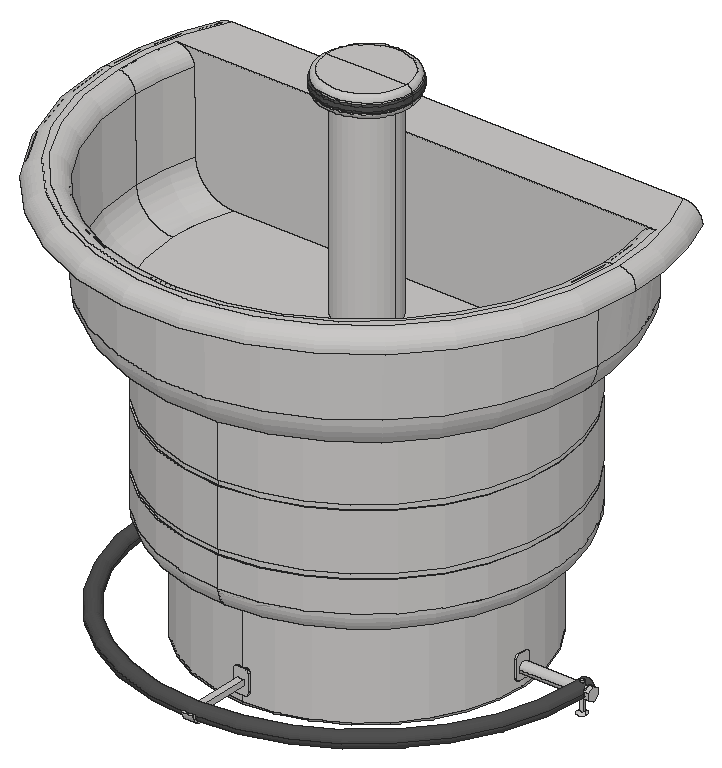
Revit family "Washfountain_Lavatory-Bradley_Corp-WF2703-Type_H_Drain", category Plumbing Fixtures, Revit 2012
Parameters
  Width = 36.000"
  Warranty Information = ""
  WFU = 0
  Voltage = 24 V
  Version = "2.0"
  Vent Radius = Vent / 2  # 3/4"
  Vent = 1 1/2"
  URL = "http://www.bradleycorp.com/"
  Towel Dispenser Holder [instance] = if((Soap Dispenser), 4.875", 13.375")  # 13.375"
  Towel Dispenser Height [instance] = if((Sensor Module), 50.750", 47.250")  # 47.250"
  TouchTime® Control [instance] = no
  Technical Data = "n/a"
  Vent Height [instance] = if(and(Sensor Module, Soap Dispenser, Towel Dispenser), 67.063", if(and(Sensor Module, Soap Dispenser, No Towel Dispenser), 45.875", if(and(Sensor Module, No Soap Dispenser, No Towel Dispenser), 37.375", if(and(Sensor Module, No Soap Dispenser, Towel Dispenser), 67.063", if(and(No Sensor Module, No Soap Dispenser, No Towel Dispenser), 33.875", if(and(No Sensor Module, No Soap Dispenser, Towel Dispenser), 63.563", if(and(No Sensor Module, Soap Dispenser, No Towel Dispenser), 42.375", 63.563")))))))  # 33.875"
  Spray Head Height = 33.875"
  Specifications URL = "http://www.bradleycorp.com/3partspec"
  Soap Dispenser Holder [instance] = 2.500"  # constant formula
  Soap Dispenser Height [instance] = if((Sensor Module), 45.875", 42.375")  # 42.375"
  Sensor Module Height = 37.375"
  Sensor Module [instance] = not(Foot Control Valve)  # no
  Rim Height = 28.000"
  Product Tech Data URL - Spanish = ""
  Product Tech Data URL - French = ""
  Product Tech Data URL - English = "http://bradleycorp.com/download/2241/2017.pdf"
  Pedestal Material = Metal - Bradley Corp - Stainless Steel - Satin
  Pedestal Height = 19.000"
  Operating Water Pressure Range = "20 - 80 PSI"
  OmniClass Table 23 Title = "Sinks/Lavatories"
  OmniClass Table 23 Number = "23-31 13 00"
  OmniClass Table 21 Title = "Plumbing Fixtures"
  OmniClass Table 21 Number = "21-04 20 10 60"
  No Towel Dispenser [instance] = not(Towel Dispenser)  # yes
  No Soap Dispenser [instance] = not(Soap Dispenser)  # yes
  No Sensor Module [instance] = not(Sensor Module)  # yes
  Modeling Code = ""
  Model = "WF2703"
  Material Note = ""
  MasterFormat Title = "Commercial Lavatories and Sinks"
  MasterFormat Number = "22 42 16"
  Manufacturer = "Bradley Corp"
  Industry Standards = ""
  Hot Lavatory Inlet Secondary Radius = Hot Lavatory Inlet Secondary / 2  # 1/2"
  Hot Lavatory Inlet Secondary = 1"
  Hot Lavatory Inlet Primary Radius = Hot Lavatory Inlet Primary / 2  # 1/2"
  Hot Lavatory Inlet Primary = 1"
  HWFU = 0
  Frequency = 50 Hz
  Foot Control Valve [instance] = not(or(TouchTime® Control, Air Valve Hand Control, Adaptive Infrared Activation Control))  # yes
  Flow Rate = 1.25 GPM
  Fire Rating = "n/a"
  Drain Radius = Drain / 2  # 1"
  Drain = 2"
  Description = "Washfountain, 36\" Semi Circular with 9\" Deep Bowl"
  Copyright = "This Model Data is Property of Bradley Corporation"
  Cold Lavatory Inlet Secondary Radius = Cold Lavatory Inlet Secondary / 2  # 1/2"
  Cold Lavatory Inlet Secondary = 1"
  Cold Lavatory Inlet Primary Radius = Cold Lavatory Inlet Primary / 2  # 1/2"
  Cold Lavatory Inlet Primary = 1"
  CWFU = 0
  Buy American Act = "No"
  Button Visibility [instance] = or(TouchTime® Control, Air Valve Hand Control)  # no
  Bowl Material [instance] = Metal - Bradley Corp - Stainless Steel - Polished
  Assembly Code = "D2010300"
  Air Valve Hand Control [instance] = no
  Adaptive Infrared Activation Control [instance] = no
  ADA Compliant = "Yes"
  Soap Dispenser [instance] = no
  Towel Dispenser [instance] = no
Reference planes (in)
  plane 1 "Center (Front/Back)": y = 0
  plane 2: z = 0
  plane 3 "Center (Left/Right)": x = 0
  plane 4 "Left": x = -18
  plane 5 "Right": x = 18
  plane 6 "Towel Dispenser": z = 47.25
  plane 7 "Soap Dispenser": z = 42.375
  plane 8 "Sensor Module": z = 37.375
  plane 9 "Spray Head": z = 33.875
  plane 10 "Rim Height": z = 28
  plane 11 "Pedestal Height": z = 19
  plane 12: y = -7.6967
  plane 13: z = 36.375
  plane 14 "Front": y = -26.03001
Forms (in)
  Sweep 1, solid, material "Metal - Bradley Corp - Stainless Steel - Polished" <- "Bowl Material", detail levels medium+fine
    path in 3D
      loop
        arc (18.28, -7.75, 28) -> (0, 10.53, 28) -> (-18.28, -7.75, 28) r 18.28
        arc (-18.28, -7.75, 28) -> (0, -26.03, 28) -> (18.28, -7.75, 28) r 18.28
    profile origin (0, -26.03, 28) x (0, 1, 0) y (0, 0, 1)
      loop
        line (16.3333, -9) -> (16.3333, -8.88) -> (5.20078, -8.88)
        arc (5.20078, -8.88) -> (3.4987, -8.21109) -> (2.70744, -6.56231) r 2.5
        line (2.70744, -6.56231) -> (2.65999, -1.125)
        arc (2.65999, -1.125) -> (2.33049, -0.3295) -> (1.53499, 0.00011) r 1.125
        line (1.53499, 0.00011) -> (1.12499, 0)
        arc (1.12499, 0) -> (0.3295, -0.3295) -> (-0.00001, -1.125) r 1.125
        line (-0.00001, -1.125) -> (0.11999, -1.125)
        arc (0.11999, -1.125) -> (0.41435, -0.41436) -> (1.12499, -0.11989) r 1.005
        line (1.12499, -0.11989) -> (1.53499, -0.12025)
        arc (1.53499, -0.12025) -> (2.24563, -0.41461) -> (2.53999, -1.12525) r 1.005
        line (2.53999, -1.12525) -> (2.58748, -6.56717)
        arc (2.58748, -6.56717) -> (3.41556, -8.29765) -> (5.20078, -9) r 2.62
        line (5.20078, -9) -> (16.3333, -9)
  Extrusion 2, void
    sketch origin (0, 0, 28) x (-1, 0, 0) y (0, -1, 0)
      loop
        line (18, -14) -> (18, 0) -> (-18, 0) -> (-18, -14) -> (18, -14)
    from -28 to 5.875
  Sweep 3, solid, material "Metal - Bradley Corp - Stainless Steel - Polished" <- "Bowl Material", detail levels coarse
    path in 3D
      loop
        arc (18.28, -7.75, 28) -> (0, 10.53, 28) -> (-18.28, -7.75, 28) r 18.28
        arc (-18.28, -7.75, 28) -> (0, -26.03, 28) -> (18.28, -7.75, 28) r 18.28
    profile origin (0, -26.03, 28) x (0, 1, 0) y (0, 0, 1)
      loop
        line (0, 0) -> (0, -1.125) -> (0.12, -1.125) -> (0.12, -0.12) -> (2.53999, -0.12) -> (2.53999, -9) -> (16.3333, -9) -> (16.3333, -8.88) -> (2.65999, -8.88) -> (2.65999, 0) -> (0, 0)
  Revolve 4, solid, material "Metal - Bradley Corp - Stainless Steel - Satin" <- "Pedestal Material", detail levels medium+fine
    sketch origin (0, 0, 0) x (0, 1, 0) y (0, 0, 1)
      loop
        line (-20.25001, 10.34788) -> (-20.17078, 10.34788) -> (-20.17078, 9.97288) -> (-20.25001, 9.97288) -> (-20.25001, 7.88979)
        arc (-20.25001, 7.88979) -> (-19.80162, 6.80727) -> (-18.7191, 6.35887) r 1.53091
        line (-18.7191, 6.35887) -> (-7.6967, 6.35887) -> (-7.6967, 19) -> (-20.25001, 19) -> (-20.25001, 14.53538) -> (-20.16608, 14.53538) -> (-20.16608, 14.16038) -> (-20.25001, 14.16038) -> (-20.25001, 10.34788)
      axis (-7.6967, 19) -> (-7.6967, 6.35887)
    angle from 0 to 360
  Revolve 5, solid, material "Metal - Bradley Corp - Stainless Steel - Satin" <- "Pedestal Material", detail levels coarse
    sketch origin (0, 0, 0) x (0, 1, 0) y (0, 0, 1)
      loop
        line (-20.25001, 19) -> (-20.25001, 6.35887) -> (-7.6967, 6.35887) -> (-7.6967, 19) -> (-20.25001, 19)
      axis (-7.6967, 19) -> (-7.6967, 6.35887)
    angle from 0 to 360
  Revolve 6, solid, material "Metal - Bradley Corp - Stainless Steel - Satin"
    sketch origin (0, 0, 0) x (0, 1, 0) y (0, 0, 1)
      loop
        arc (-18.18806, 0.1416) -> (-18.14659, 0.04147) -> (-18.04646, 0) r 0.1416
        line (-18.04646, 0) -> (-7.6967, 0) -> (-7.6967, 6.35887) -> (-17.97405, 6.35888) -> (-17.97405, 6.04595) -> (-18.18806, 6.04595) -> (-18.18806, 0.1416)
      axis (-7.6967, 6.35888) -> (-7.6967, 0)
    angle from 0 to 360
  Revolve 7, solid, material "Metal - Bradley Corp - Stainless Steel - Satin", detail levels medium+fine
    sketch origin (-3, -7.6967, 33.875) x (1, 0, 0) y (0, 0, 1)
      loop
        arc (0.31013, 0) -> (0.06618, -0.10105) -> (-0.03487, -0.345) r 0.345
        line (-0.03487, -0.345) -> (-0.03487, -0.44471)
        arc (-0.03487, -0.44471) -> (-0.09873, -0.47343) -> (-0.12487, -0.53838) r 0.09375
        line (-0.12487, -0.53838) -> (-0.12487, -0.85088)
        arc (-0.12487, -0.85088) -> (-0.09873, -0.91583) -> (-0.03487, -0.94456) r 0.09375
        line (-0.03487, -0.94456) -> (-0.03487, -1.04463)
        arc (-0.03487, -1.04463) -> (0.06618, -1.28859) -> (0.31013, -1.38963) r 0.345
        line (0.31013, -1.38963) -> (1.00013, -1.38963) -> (1.00013, -14.875) -> (3, -14.875) -> (3, 0) -> (0.31013, 0)
      axis (3, 0) -> (3, -14.875)
    angle from 0 to 360
  Revolve 8, solid, material "Metal - Bradley Corp - Stainless Steel - Satin", detail levels coarse
    sketch origin (-3, -7.6967, 33.875) x (1, 0, 0) y (0, 0, 1)
      loop
        line (-0.12487, -0.44471) -> (-0.12487, -0.94456) -> (0.31085, -1.38963) -> (1.00013, -1.38963) -> (1.00013, -14.875) -> (3, -14.875) -> (3, 0.00012) -> (0.31013, 0.00012) -> (-0.12487, -0.44471)
      axis (3, 0.00012) -> (3, -14.875)
    angle from 0 to 360
  Revolve 9, solid, material "Metal - Bradley Corp - Stainless Steel - Satin", visible <- "Sensor Module", detail levels fine
    sketch origin (-3, -7.6967, 37.375) x (1, 0, 0) y (0, 0, 1)
      loop
        arc (-1.45317, -0.20636) -> (-1.54025, -0.24993) -> (-1.57537, -0.34075) r 0.135
        line (-1.57537, -0.34075) -> (-1.57537, -0.56538) -> (-1.49987, -0.56538) -> (-1.49987, -1.98683)
        arc (-1.49987, -1.98683) -> (-1.48077, -2.08267) -> (-1.42639, -2.16387) r 0.25
        line (-1.42639, -2.16387) -> (-0.82283, -2.76742)
        arc (-0.82283, -2.76742) -> (-0.74182, -2.82142) -> (-0.64632, -2.84038) r 0.25
        line (-0.64632, -2.84038) -> (1.00013, -2.84038) -> (1.00013, -3.5) -> (3, -3.5) -> (3, 0) -> (0.90513, 0) -> (-1.45612, -0.2063)
      axis (3, 0) -> (3, -3.5)
    angle from 0 to 360
  Revolve 10, solid, material "Metal - Bradley Corp - Stainless Steel - Satin", visible <- "Sensor Module", detail levels coarse+medium
    sketch origin (-3, -7.6967, 37.375) x (1, 0, 0) y (0, 0, 1)
      loop
        line (-1.57537, -2.01488) -> (-0.74987, -2.84038) -> (1.00013, -2.84038) -> (1.00013, -3.5) -> (3, -3.5) -> (3, 0) -> (-1.57537, 0) -> (-1.57537, -2.01488)
      axis (3, 0) -> (3, -3.5)
    angle from 0 to 360
  Revolve 11, solid, material "Metal - Bradley Corp - Stainless Steel - Satin", visible <- "Soap Dispenser", detail levels fine
    sketch origin (-3, -7.6967, 42.375) x (1, 0, 0) y (0, 0, 1)
      loop
        line (-3.01408, -1.64235) -> (-2.98301, -1.64235) -> (-2.98301, -2.89235) -> (-2.93039, -2.89235) -> (-2.93039, -4.14235) -> (-2.87777, -4.14235) -> (-2.87777, -5.39235) -> (-2.81, -5.39235) -> (-2.81, -6) -> (3, -6) -> (3, 0) -> (-1.15684, 0)
        arc (-1.15684, 0) -> (-2.16098, -0.12055) -> (-3.13971, -0.37529) r 7.48917
        line (-3.13971, -0.37529) -> (-3.13971, -1.00047) -> (-3.01408, -1.00047) -> (-3.01408, -1.64235)
      axis (3, 0) -> (3, -6)
    angle from 360 to 180
  Revolve 12, solid, material "Metal - Bradley Corp - Stainless Steel - Satin", visible <- "Soap Dispenser", detail levels coarse+medium
    sketch origin (-3, -7.6967, 42.375) x (1, 0, 0) y (0, 0, 1)
      loop
        line (-3.13971, -1.00047) -> (-2.81, -6) -> (3, -6) -> (3, -1.00047) -> (-3.13971, -1.00047)
      axis (3, -1.00047) -> (3, -6)
    angle from 360 to 180
  Extrusion 13, solid, material "Metal - Bradley Corp - Stainless Steel - Satin", visible <- "Soap Dispenser", detail levels fine
    sketch origin (-3, -7.6967, 42.375) x (1, 0, 0) y (0, 0, 1)
      loop
        line (-3.01408, -1.64235) -> (-2.98301, -1.64235) -> (-2.98301, -2.89235) -> (-2.93039, -2.89235) -> (-2.93039, -4.14235) -> (-2.87777, -4.14235) -> (-2.87777, -5.39235) -> (-2.81, -5.39235) -> (-2.81, -6) -> (8.81, -6) -> (8.81, -5.39235) -> (8.87777, -5.39235) -> (8.87777, -4.14235) -> (8.93039, -4.14235) -> (8.93039, -2.89235) -> (8.98301, -2.89235) -> (8.98301, -1.64235) -> (9.01408, -1.64235) -> (9.01408, -1.00047) -> (9.13971, -1.00047) -> (9.13971, -0.37529)
        arc (9.13971, -0.37529) -> (8.16098, -0.12055) -> (7.15684, 0) r 7.48917
        line (7.15684, 0) -> (-1.15684, 0)
        arc (-1.15684, 0) -> (-2.16098, -0.12055) -> (-3.13971, -0.37529) r 7.48917
        line (-3.13971, -0.37529) -> (-3.13971, -1.00047) -> (-3.01408, -1.00047) -> (-3.01408, -1.64235)
    from 0 to -2.25
  Extrusion 14, solid, material "Metal - Bradley Corp - Stainless Steel - Satin", visible <- "Soap Dispenser", detail levels coarse+medium
    sketch origin (-3, -7.6967, 42.375) x (1, 0, 0) y (0, 0, 1)
      loop
        line (-3.13971, -1.00047) -> (-2.81, -6) -> (8.81, -6) -> (9.13971, -1.00047) -> (-3.13971, -1.00047)
    from 0 to -2.25
  Extrusion 15, solid, material "Metal - Bradley Corp - Stainless Steel - Satin", visible <- "Towel Dispenser"
    sketch origin (0, 0, 47.25) x (-1, 0, 0) y (0, -1, 0)
      loop
        line (0.06458, 14.08484) -> (-0.06458, 14.08484) -> (-5.56458, 4.55856) -> (-5.5, 4.4467) -> (5.5, 4.4467) -> (5.56458, 4.55856) -> (0.06458, 14.08484)
      loop
        circle (0, 7.6967) r 2
    from 14.62567 to 14.12567
  Extrusion 16, solid, material "Metal - Bradley Corp - Stainless Steel - Satin", visible <- "Towel Dispenser"
    sketch origin (-0.06458, -14.08484, 47.25) x (0, 0, 1) y (-0.866025, -0.5, 0)
      loop
        line (0, 0) -> (15.313, 0) -> (14.62567, 4) -> (1.37502, 4) -> (0, 1.75) -> (0, 0)
    from 0 to -11
  Extrusion 17, solid, material "Metal - Bradley Corp - Stainless Steel - Satin", visible <- "Towel Dispenser"
    sketch origin (5.56458, -4.55856, 47.25) x (0, 0, 1) y (0.866025, -0.5, 0)
      loop
        line (0, 0) -> (15.313, 0) -> (14.62567, 4) -> (1.37502, 4) -> (0, 1.75) -> (0, 0)
    from 0 to -11
  Extrusion 18, solid, material "Metal - Bradley Corp - Stainless Steel - Satin", visible <- "Towel Dispenser"
    sketch origin (0, 0, 47.25) x (-1, 0, 0) y (0, -1, 0)
      loop
        line (0.06458, 14.08484) -> (-0.06458, 14.08484) -> (-5.56458, 4.55856) -> (-5.5, 4.4467) -> (5.5, 4.4467) -> (5.56458, 4.55856) -> (0.06458, 14.08484)
      loop
        circle (0, 7.6967) r 2
    from 1.0786 to 1.5786
  Extrusion 19, solid, material "Metal - Bradley Corp - Stainless Steel - Satin", visible <- "Towel Dispenser"
    sketch origin (0, 0, 47.25) x (-1, 0, 0) y (0, -1, 0)
      loop
        circle (0, 7.6967) r 2
    from -13.375 to 16.313
  Extrusion 20, solid, material "Metal - Bradley Corp - Stainless Steel - Satin", visible <- "Soap Dispenser"
    sketch origin (0, 0, 42.375) x (-1, 0, 0) y (0, -1, 0)
      loop
        circle (0, 7.6967) r 2
    from -6 to -8.5
  Extrusion 21, solid, material "Metal - Bradley Corp - Stainless Steel - Polished", detail levels medium+fine
    sketch origin (0, 0, 28) x (-1, 0, 0) y (0, -1, 0)
      loop
        circle (-4, 7.6967) r 1.75
      loop
        circle (-4, 7.6967) r 0.1842
      loop
        circle (-4, 6.81899) r 0.1842
      loop
        circle (-3.12229, 7.6967) r 0.1842
      loop
        circle (-4, 8.57441) r 0.1842
      loop
        circle (-4.87771, 7.6967) r 0.1842
      loop
        circle (-4.62063, 7.07606) r 0.1842
      loop
        circle (-3.37937, 7.07606) r 0.1842
      loop
        circle (-3.37937, 8.31733) r 0.1842
      loop
        circle (-4.62063, 8.31733) r 0.1842
    from -8.88 to -8.93903
  Extrusion 22, void
    sketch origin (0, 0, 28) x (-1, 0, 0) y (0, -1, 0)
      loop
        circle (-4, 7.6967) r 1.75
    from -9 to -5.94946
  Sweep 23, solid, material "Plastic - Bradley Corp - Black", visible <- "Foot Control Valve"
    path in 3D
      loop
        line (15.00846, -7.1967, 0) -> (15.00846, -7.6967, 0)
        arc (15.00846, -7.6967, 0) -> (0, -22.70516, 0) -> (-15.00846, -7.6967, 0) r 15.00846
        line (-15.00846, -7.6967, 0) -> (-15.00846, -7.1967, 0)
    profile origin (-15.00846, -7.4467, 0) x (-1, 0, 0) y (0, 0, 1)
      loop
        circle (-0.5, 1.42499) r 0.49941
  Extrusion 24, solid, material "Metal - Bradley Corp - Stainless Steel - Satin", visible <- "Foot Control Valve", detail levels medium+fine
    sketch origin (0, 0, 0) x (0, 1, 0) y (0, 0, 1)
      loop
        line (-7.37851, 1.63949) -> (-7.75001, 1.85397) -> (-8.12151, 1.63949) -> (-8.12151, 1.21051) -> (-7.75001, 0.99603) -> (-7.37851, 1.21051) -> (-7.37851, 1.63949)
    from -15.32813 to -15.01563
  Extrusion 25, solid, material "Metal - Bradley Corp - Stainless Steel - Satin", visible <- "Foot Control Valve", detail levels medium+fine
    sketch origin (0, 0, 0) x (0, 1, 0) y (0, 0, 1)
      loop
        line (-7.75001, 1.85397) -> (-8.12151, 1.63948) -> (-8.12151, 1.21051) -> (-7.75001, 0.99603) -> (-7.37851, 1.21051) -> (-7.37851, 1.63949) -> (-7.75001, 1.85397)
    from 15.37923 to 15.04349
  Extrusion 26, solid, material "Metal - Bradley Corp - Stainless Steel - Satin", visible <- "Foot Control Valve"
    sketch origin (0, 0, 0) x (0, 1, 0) y (0, 0, 1)
      loop
        circle (-7.75001, 1.425) r 0.3715
    from -15.01563 to -10.61637
  Extrusion 27, solid, material "Metal - Bradley Corp - Stainless Steel - Satin", visible <- "Foot Control Valve"
    sketch origin (0, 0, 0) x (0, 1, 0) y (0, 0, 1)
      loop
        circle (-7.75001, 1.42499) r 0.3715
    from 10.61637 to 15.04349
  Extrusion 28, solid, material "Metal - Bradley Corp - Stainless Steel - Satin", visible <- "Foot Control Valve", detail levels fine
    sketch origin (0, 0, 0) x (1, 0, 0) y (0, 1, 0)
      loop
        circle (-14.57813, -7.6967) r 0.12
      loop
        circle (14.57813, -7.6967) r 0.12
    from 0.1445 to 1.99999
  Blend 29, solid, material "Metal - Bradley Corp - Stainless Steel - Satin", visible <- "Foot Control Valve", detail levels fine
    base sketch origin (0, 0, 0) x (1, 0, 0) y (0, 1, 0)
      loop
        circle (-14.57813, -7.6967) r 0.12
    top sketch origin (0, 0, 0) x (1, 0, 0) y (0, 1, 0)
      loop
        circle (-14.57813, -7.6967) r 0.327
    from 0.1445 to 0
  Blend 30, solid, material "Metal - Bradley Corp - Stainless Steel - Satin", visible <- "Foot Control Valve", detail levels fine
    base sketch origin (0, 0, 0) x (1, 0, 0) y (0, 1, 0)
      loop
        circle (14.57813, -7.6967) r 0.12
    top sketch origin (0, 0, 0) x (1, 0, 0) y (0, 1, 0)
      loop
        circle (14.57813, -7.6967) r 0.327
    from 0.1445 to 0
  Extrusion 31, solid, material "Metal - Bradley Corp - Stainless Steel - Satin", visible <- "Foot Control Valve"
    sketch origin (0, 0, 0) x (0, 1, 0) y (0, 0, 1)
      loop
        line (-7.25001, 0.921) -> (-7.25001, 2.046)
        arc (-7.25001, 2.046) -> (-7.32323, 2.22278) -> (-7.50001, 2.296) r 0.25
        line (-7.50001, 2.296) -> (-8.00001, 2.296)
        arc (-8.00001, 2.296) -> (-8.17679, 2.22278) -> (-8.25001, 2.046) r 0.25
        line (-8.25001, 2.046) -> (-8.25001, 0.921)
        arc (-8.25001, 0.921) -> (-8.17679, 0.74422) -> (-8.00001, 0.671) r 0.25
        line (-8.00001, 0.671) -> (-7.50001, 0.671)
        arc (-7.50001, 0.671) -> (-7.32323, 0.74422) -> (-7.25001, 0.921) r 0.25
    from -10.61637 to -10.49137
  Extrusion 32, solid, material "Metal - Bradley Corp - Stainless Steel - Satin", visible <- "Foot Control Valve"
    sketch origin (0, 0, 0) x (0, 1, 0) y (0, 0, 1)
      loop
        line (-7.50001, 2.296) -> (-8.00001, 2.296)
        arc (-8.00001, 2.296) -> (-8.17679, 2.22278) -> (-8.25001, 2.046) r 0.25
        line (-8.25001, 2.046) -> (-8.25001, 0.921)
        arc (-8.25001, 0.921) -> (-8.17679, 0.74422) -> (-8.00001, 0.671) r 0.25
        line (-8.00001, 0.671) -> (-7.50001, 0.671)
        arc (-7.50001, 0.671) -> (-7.32323, 0.74422) -> (-7.25001, 0.921) r 0.25
        line (-7.25001, 0.921) -> (-7.25001, 2.046)
        arc (-7.25001, 2.046) -> (-7.32323, 2.22278) -> (-7.50001, 2.296) r 0.25
    from 10.49137 to 10.61637
  Extrusion 33, solid, material "Metal - Bradley Corp - Stainless Steel - Satin", visible <- "Foot Control Valve", detail levels fine
    sketch origin (0, 0, 0) x (0, 1, 0) y (0, 0, 1)
      loop
        arc (-22.70153, 1.42499) -> (-22.75153, 1.47499) -> (-22.80153, 1.42499) r 0.05
        arc (-22.80153, 1.42499) -> (-22.10066, 0.83423) -> (-21.63707, 1.62499) r 0.59941
        line (-21.63707, 1.62499) -> (-21.74452, 1.62499)
        arc (-21.74452, 1.62499) -> (-22.09997, 0.93614) -> (-22.70153, 1.42499) r 0.49941
    from -0.40046 to 0.4
  Extrusion 34, solid, material "Metal - Bradley Corp - Stainless Steel - Satin", visible <- "Foot Control Valve", detail levels fine
    sketch origin (0, 0, 0) x (0, 1, 0) y (0, 0, 1)
      loop
        arc (-21.63707, 1.62499) -> (-21.60272, 1.42499) -> (-21.63707, 1.22499) r 0.59941
        line (-21.63707, 1.22499) -> (-18.31306, 1.22499) -> (-18.31306, 1.62499) -> (-21.63707, 1.62499)
    from -0.2 to 0.2
  Extrusion 35, solid, material "Default", not visible, detail levels fine
    sketch origin (0, 0, 0) x (1, 0, 0) y (0, 1, 0)
      loop
        circle (0, -7.6967) r 0.75
    from 0 to 33.875
  Extrusion 36, solid, material "Metal - Bradley Corp - Stainless Steel - Satin", not visible, detail levels fine
    sketch origin (0, 0, 0) x (1, 0, 0) y (0, 1, 0)
      loop
        circle (-4, -7.75) r 1
    from 0 to 3
  Extrusion 37, solid, material "Default", not visible, detail levels fine
    sketch origin (-3, -7.6967, 42.375) x (1, 0, 0) y (0, 0, 1)
      loop
        circle (10.625, -30.375) r 0.5
      loop
        circle (-4.625, -30.375) r 0.5
      loop
        line (-0.5, -30.304) -> (-1.5, -30.304) -> (-1.5, -32.304) -> (-0.5, -32.304) -> (-0.5, -30.304)
    from -7.6967 to -4.6967
  Extrusion 38, solid, material "Default", not visible, detail levels fine
    sketch origin (0, 0, 0) x (1, 0, 0) y (0, 1, 0)
      loop
        circle (-7.625, -4.5) r 0.5
      loop
        circle (7.625, -4.5) r 0.5
    from 0 to 2.5
  Extrusion 39, solid, material "Metal - Bradley Corp - Stainless Steel - Satin", visible <- "Foot Control Valve", detail levels fine
    sketch origin (0, 0, 0) x (1, 0, 0) y (0, 0, 1)
      loop
        arc (-0.5, 0.921) -> (-0.42678, 0.74422) -> (-0.25, 0.671) r 0.25
        line (-0.25, 0.671) -> (0.25, 0.671)
        arc (0.25, 0.671) -> (0.42678, 0.74422) -> (0.5, 0.921) r 0.25
        line (0.5, 0.921) -> (0.5, 2.046)
        arc (0.5, 2.046) -> (0.42678, 2.22278) -> (0.25, 2.296) r 0.25
        line (0.25, 2.296) -> (-0.25, 2.296)
        arc (-0.25, 2.296) -> (-0.42678, 2.22278) -> (-0.5, 2.046) r 0.25
        line (-0.5, 2.046) -> (-0.5, 0.921)
    from 18.18806 to 18.31306
  Revolve 40, solid, material "Plastic - Bradley Corp - Black", visible <- "Soap Dispenser", detail levels coarse+medium
    sketch origin (-3, -7.6967, 42.375) x (1, 0, 0) y (0, 0, 1)
      loop
        line (3, 0) -> (-3.20569, 0) -> (-3.13971, -1.00047) -> (3, -1.00047) -> (3, 0)
      axis (3, 0) -> (3, -1.00047)
    angle from 180 to 360
  Extrusion 41, solid, material "Plastic - Bradley Corp - Black", visible <- "Soap Dispenser", detail levels coarse+medium
    sketch origin (-3, -7.6967, 42.375) x (1, 0, 0) y (0, 0, 1)
      loop
        line (-3.13971, -1.00047) -> (9.13971, -1.00047) -> (9.20569, 0) -> (-3.20569, 0) -> (-3.13971, -1.00047)
    from 0 to -2.25
  Extrusion 42, solid, material "Metal - Bradley Corp - Stainless Steel - Polished", visible <- "Button Visibility"
    sketch origin (-3, -7.6967, 37.375) x (1, 0, 0) y (0, 0, 1)
      loop
        circle (3, -1.29013) r 0.5
    from 4.57537 to 4.97537
  Extrusion 43, solid, material "Metal - Bradley Corp - Stainless Steel - Polished", visible <- "Button Visibility", detail levels fine
    sketch origin (-3, -7.6967, 37.375) x (1, 0, 0) y (0, 0, 1)
      loop
        circle (3, -1.29013) r 0.25
    from 4.5 to 4.57537
  Extrusion 44, solid, material "Metal - Bradley Corp - Stainless Steel - Polished" <- "Bowl Material", detail levels coarse
    sketch origin (0, 0, 28) x (-1, 0, 0) y (0, -1, 0)
      loop
        arc (-15.02958, 3.496) -> (-14.40216, 1.7033) -> (-13.56179, 0) r 15.62001
        line (-13.56179, 0) -> (13.56179, 0)
        arc (13.56179, 0) -> (14.40216, 1.7033) -> (15.02958, 3.496) r 15.62001
        line (15.02958, 3.496) -> (-15.02958, 3.496)
    from -8.88 to 0
  Extrusion 45, solid, material "Metal - Bradley Corp - Stainless Steel - Polished" <- "Bowl Material", detail levels medium+fine
    sketch origin (0, 0, 28) x (-1, 0, 0) y (0, -1, 0)
      loop
        arc (14.85408, 0) -> (15.7062, 1.70204) -> (16.34242, 3.496) r 15.44001
        line (16.34242, 3.496) -> (-16.34242, 3.496)
        arc (-16.34242, 3.496) -> (-15.7062, 1.70204) -> (-14.85408, 0) r 15.44001
        line (-14.85408, 0) -> (14.85408, 0)
    from -8.88 to 0
  Sweep 46, void
    path in 3D
      loop
        arc (18.28, -7.75, 28) -> (0, 10.53, 28) -> (-18.28, -7.75, 28) r 18.28
        arc (-18.28, -7.75, 28) -> (0, -26.03, 28) -> (18.28, -7.75, 28) r 18.28
    profile origin (0, -26.03, 28) x (0, 1, 0) y (0, 0, 1)
      loop
        line (2.64746, -6.56475) -> (2.59999, -1.12499)
        arc (2.59999, -1.12499) -> (2.28797, -0.37209) -> (1.53499, -0.05989) r 1.065
        line (1.53499, -0.05989) -> (1.12499, -0.06)
        arc (1.12499, -0.06) -> (0.37192, -0.37193) -> (0.05999, -1.125) r 1.065
        line (0.05999, -1.125) -> (0.05999, -9) -> (5.77999, -9) -> (5.77999, -8.94) -> (5.20078, -8.94)
        arc (5.20078, -8.94) -> (3.45713, -8.25437) -> (2.64746, -6.56475) r 2.56
Cuts and joins
  Extrusion 2, Extrusion 22 cuts Sweep 1
  Sweep 46 cuts Extrusion 45
  joined: Sweep 1, Extrusion 45
  Extrusion 2, Extrusion 22 cuts Sweep 3
  joined: Sweep 3, Extrusion 44
  Extrusion 2 cuts Revolve 4
  Extrusion 2 cuts Revolve 5
  Extrusion 2 cuts Revolve 6
  joined: Revolve 11, Extrusion 13
  joined: Revolve 12, Extrusion 14
  joined: Extrusion 26, Extrusion 27
  joined: Revolve 40, Extrusion 41
Lines and regions (in)
  Masking region 1, detail levels medium+fine
    outline origin (-3, -7.6967, 33.875) x (1, 0, 0) y (0, 0, 1)
      loop
        arc (0.31013, 0) -> (0.06618, -0.10105) -> (-0.03487, -0.345) r 0.345
        line (-0.03487, -0.345) -> (-0.03487, -0.44471)
        arc (-0.03487, -0.44471) -> (-0.09873, -0.47343) -> (-0.12487, -0.53838) r 0.09375
        line (-0.12487, -0.53838) -> (-0.12487, -0.85088)
        arc (-0.12487, -0.85088) -> (-0.09873, -0.91583) -> (-0.03487, -0.94456) r 0.09375
        line (-0.03487, -0.94456) -> (-0.03487, -1.04463)
        arc (-0.03487, -1.04463) -> (0.06618, -1.28859) -> (0.31013, -1.38963) r 0.345
        line (0.31013, -1.38963) -> (1.00013, -1.38963) -> (1.00013, -5.875) -> (5.00013, -5.875) -> (5.00013, -1.38963) -> (5.68987, -1.38963)
        arc (5.68987, -1.38963) -> (5.93382, -1.28859) -> (6.03487, -1.04463) r 0.345
        line (6.03487, -1.04463) -> (6.03487, -0.94456)
        arc (6.03487, -0.94456) -> (6.09873, -0.91583) -> (6.12487, -0.85088) r 0.09375
        line (6.12487, -0.85088) -> (6.12487, -0.53838)
        arc (6.12487, -0.53838) -> (6.09873, -0.47343) -> (6.03487, -0.44471) r 0.09375
        line (6.03487, -0.44471) -> (6.03487, -0.34463)
        arc (6.03487, -0.34463) -> (5.93382, -0.10105) -> (5.68987, 0) r 0.345
        line (5.68987, 0) -> (0.31013, 0)
  Masking region 2, detail levels coarse
    outline origin (-3, -7.6967, 33.875) x (1, 0, 0) y (0, 0, 1)
      loop
        line (-0.12487, -0.44471) -> (-0.12487, -0.94456) -> (0.31085, -1.38963) -> (1.00013, -1.38963) -> (1.00013, -5.875) -> (5.00013, -5.875) -> (5.00013, -1.38963) -> (5.68915, -1.38963) -> (6.12487, -0.94456) -> (6.12487, -0.44471) -> (5.68999, 0) -> (0.31001, 0) -> (-0.12487, -0.44471)
  Masking region 3, visible <- "Sensor Module", detail levels coarse+medium
    outline origin (-3, -7.6967, 37.375) x (1, 0, 0) y (0, 0, 1)
      loop
        line (-1.57537, 0) -> (-1.57537, -2.01488) -> (-0.74987, -2.84038) -> (1.00013, -2.84038) -> (1.00013, -3.5) -> (4.99987, -3.5) -> (4.99987, -2.84038) -> (6.74987, -2.84038) -> (7.57537, -2.01488) -> (7.57537, 0) -> (-1.57537, 0)
  Masking region 4, visible <- "Sensor Module", detail levels fine
    outline origin (-3, -7.6967, 37.375) x (1, 0, 0) y (0, 0, 1)
      loop
        arc (-1.45317, -0.20636) -> (-1.54025, -0.24993) -> (-1.57537, -0.34075) r 0.135
        line (-1.57537, -0.34075) -> (-1.57537, -0.56538) -> (-1.49987, -0.56538) -> (-1.49987, -1.98683)
        arc (-1.49987, -1.98683) -> (-1.48077, -2.08267) -> (-1.42639, -2.16387) r 0.25
        line (-1.42639, -2.16387) -> (-0.82283, -2.76742)
        arc (-0.82283, -2.76742) -> (-0.74182, -2.82142) -> (-0.64632, -2.84038) r 0.25
        line (-0.64632, -2.84038) -> (1.00013, -2.84038) -> (1.00013, -3.5) -> (4.99987, -3.5) -> (4.99987, -2.84038) -> (6.64632, -2.84038)
        arc (6.64632, -2.84038) -> (6.74182, -2.82142) -> (6.82283, -2.76742) r 0.25
        line (6.82283, -2.76742) -> (7.42639, -2.16387)
        arc (7.42639, -2.16387) -> (7.48077, -2.08267) -> (7.49987, -1.98683) r 0.25
        line (7.49987, -1.98683) -> (7.49987, -0.56538) -> (7.57537, -0.56538) -> (7.57537, -0.34075)
        arc (7.57537, -0.34075) -> (7.54025, -0.24993) -> (7.45317, -0.20636) r 0.135
      loop
        line (7.45612, -0.2063) -> (5.09487, 0) -> (0.90513, 0) -> (-1.45612, -0.2063)
  Masking region 5, visible <- "Soap Dispenser", detail levels coarse+medium
    outline origin (-3, -7.6967, 42.375) x (1, 0, 0) y (0, 0, 1)
      loop
        line (-3.20569, 0) -> (-2.81, -6) -> (8.81, -6) -> (9.20569, 0) -> (-3.20569, 0)
  Masking region 6, visible <- "Soap Dispenser", detail levels fine
    outline origin (-3, -7.6967, 42.375) x (1, 0, 0) y (0, 0, 1)
      loop
        line (-3.01408, -1.64235) -> (-2.98301, -1.64235) -> (-2.98301, -2.89235) -> (-2.93039, -2.89235) -> (-2.93039, -4.14235) -> (-2.87777, -4.14235) -> (-2.87777, -5.39235) -> (-2.81, -5.39235) -> (-2.81, -6) -> (8.81, -6) -> (8.81, -5.39235) -> (8.87777, -5.39235) -> (8.87777, -4.14235) -> (8.93039, -4.14235) -> (8.93039, -2.89235) -> (8.98301, -2.89235) -> (8.98301, -1.64235) -> (9.01408, -1.64235) -> (9.01408, -1.00047) -> (9.13971, -1.00047) -> (9.13971, -0.37529)
        arc (9.13971, -0.37529) -> (8.16098, -0.12055) -> (7.15684, 0) r 7.48917
        line (7.15684, 0) -> (-1.15684, 0)
        arc (-1.15684, 0) -> (-2.16098, -0.12055) -> (-3.13971, -0.37529) r 7.48917
        line (-3.13971, -0.37529) -> (-3.13971, -1.00047) -> (-3.01408, -1.00047) -> (-3.01408, -1.64235)
  Masking region 7, visible <- "Soap Dispenser", detail levels fine
    outline origin (0, -4.6967, 42.375) x (0, -1, 0) y (0, 0, 1)
      loop
        line (9.01313, -1.64235) -> (9.01313, -1.00047) -> (9.13876, -1.00047) -> (9.13876, -0.37529)
        arc (9.13876, -0.37529) -> (8.16002, -0.12055) -> (7.15589, 0) r 7.48917
        line (7.15589, 0) -> (0.75, 0) -> (0.75, -6) -> (8.80905, -6) -> (8.80905, -5.39235) -> (8.87682, -5.39235) -> (8.87682, -4.14235) -> (8.92944, -4.14235) -> (8.92944, -2.89235) -> (8.98206, -2.89235) -> (8.98206, -1.64235) -> (9.01313, -1.64235)
  Masking region 8, visible <- "Soap Dispenser", detail levels coarse+medium
    outline origin (0, -4.6967, 42.375) x (0, -1, 0) y (0, 0, 1)
      loop
        line (0.75, 0) -> (0.75, -6) -> (8.80905, -6) -> (9.20569, 0) -> (0.75, 0)
  Masking region 9, visible <- "Sensor Module", detail levels coarse+medium
    outline origin (0, -4.6967, 37.375) x (0, -1, 0) y (0, 0, 1)
      loop
        line (-1.57537, 0) -> (-1.57537, -2.01488) -> (-0.74987, -2.84038) -> (1, -2.84038) -> (1, -3.5) -> (4.99987, -3.5) -> (4.99987, -2.84038) -> (6.74987, -2.84038) -> (7.57537, -2.01488) -> (7.57537, 0) -> (-1.57537, 0)
  Masking region 10, visible <- "Sensor Module", detail levels fine
    outline origin (0, -4.6967, 37.375) x (0, -1, 0) y (0, 0, 1)
      loop
        arc (-1.4533, -0.20636) -> (-1.54038, -0.24993) -> (-1.5755, -0.34075) r 0.135
        line (-1.5755, -0.34075) -> (-1.5755, -0.56538) -> (-1.5, -0.56538) -> (-1.5, -1.98683)
        arc (-1.5, -1.98683) -> (-1.4809, -2.08267) -> (-1.42651, -2.16387) r 0.25
        line (-1.42651, -2.16387) -> (-0.82296, -2.76742)
        arc (-0.82296, -2.76742) -> (-0.74195, -2.82142) -> (-0.64645, -2.84038) r 0.25
        line (-0.64645, -2.84038) -> (1, -2.84038) -> (1, -3.5) -> (4.99987, -3.5) -> (4.99987, -2.84038) -> (6.64645, -2.84038)
        arc (6.64645, -2.84038) -> (6.74195, -2.82142) -> (6.82296, -2.76742) r 0.25
        line (6.82296, -2.76742) -> (7.42651, -2.16387)
        arc (7.42651, -2.16387) -> (7.4809, -2.08267) -> (7.5, -1.98683) r 0.25
        line (7.5, -1.98683) -> (7.5, -0.56538) -> (7.5755, -0.56538) -> (7.5755, -0.34075)
        arc (7.5755, -0.34075) -> (7.54038, -0.24993) -> (7.4533, -0.20636) r 0.135
      loop
        line (7.45625, -0.2063) -> (5.095, 0) -> (0.905, 0) -> (-1.45625, -0.2063)
  Masking region 11, detail levels coarse+medium
    outline origin (0, 0, 0) x (0, 1, 0) y (0, 0, 1)
      loop
        line (-10.82157, 33.43029) -> (-10.82157, 32.93044) -> (-10.38585, 32.48537) -> (-9.6967, 32.48537) -> (-9.6967, 28) -> (-5.6967, 28) -> (-5.6967, 32.48537) -> (-5.00754, 32.48537) -> (-4.57183, 32.93044) -> (-4.57183, 33.43029) -> (-5.0067, 33.875) -> (-10.38669, 33.875) -> (-10.82157, 33.43029)
  Masking region 12, detail levels fine
    outline origin (0, -4.6967, 33.875) x (0, -1, 0) y (0, 0, 1)
      loop
        arc (0.31013, 0) -> (0.06618, -0.10105) -> (-0.03487, -0.345) r 0.345
        line (-0.03487, -0.345) -> (-0.03487, -0.44471)
        arc (-0.03487, -0.44471) -> (-0.09873, -0.47343) -> (-0.12487, -0.53838) r 0.09375
        line (-0.12487, -0.53838) -> (-0.12487, -0.85088)
        arc (-0.12487, -0.85088) -> (-0.09873, -0.91583) -> (-0.03487, -0.94456) r 0.09375
        line (-0.03487, -0.94456) -> (-0.03487, -1.04463)
        arc (-0.03487, -1.04463) -> (0.06618, -1.28859) -> (0.31013, -1.38963) r 0.345
        line (0.31013, -1.38963) -> (1.00013, -1.38963) -> (1.00013, -5.875) -> (5, -5.875) -> (5, -1.38963) -> (5.69029, -1.38963)
        arc (5.69029, -1.38963) -> (5.93424, -1.28859) -> (6.03529, -1.04463) r 0.345
        line (6.03529, -1.04463) -> (6.03487, -0.94456)
        arc (6.03487, -0.94456) -> (6.09873, -0.91583) -> (6.12487, -0.85088) r 0.09375
        line (6.12487, -0.85088) -> (6.12487, -0.53838)
        arc (6.12487, -0.53838) -> (6.09873, -0.47343) -> (6.03487, -0.44471) r 0.09375
        line (6.03487, -0.44471) -> (6.03487, -0.34463)
        arc (6.03487, -0.34463) -> (5.93382, -0.10105) -> (5.68987, 0) r 0.345
        line (5.68987, 0) -> (0.31013, 0)
  Masking region 13, detail levels medium+fine
    outline origin (0, 0, 0) x (1, 0, 0) y (0, 0, 1)
      loop
        line (16.875, 28.00019) -> (-16.875, 28.00019)
        arc (-16.875, 28.00019) -> (-17.6705, 27.6705) -> (-18, 26.875) r 1.125
        line (-18, 26.875) -> (-15.46, 26.875) -> (-15.41251, 21.43283)
        arc (-15.41251, 21.43283) -> (-14.58443, 19.70235) -> (-12.79921, 19) r 2.62
        line (-12.79921, 19) -> (12.79921, 19)
        arc (12.79921, 19) -> (14.58443, 19.70235) -> (15.41251, 21.43283) r 2.62
        line (15.41251, 21.43283) -> (15.46, 26.875) -> (18, 26.875)
        arc (18, 26.875) -> (17.6705, 27.6705) -> (16.875, 28.00019) r 1.125
  Masking region 14, detail levels coarse
    outline origin (0, 0, 0) x (1, 0, 0) y (0, 0, 1)
      loop
        line (-18, 26.875) -> (-15.74001, 26.875) -> (-15.74001, 19) -> (15.74001, 19) -> (15.74001, 26.875) -> (18, 26.875) -> (18, 28) -> (-18, 28) -> (-18, 26.875)
  Masking region 15, detail levels medium+fine
    outline origin (-3, -7.6967, 42.375) x (1, 0, 0) y (0, 0, 1)
      loop
        line (15.55331, -32.02712) -> (15.55331, -28.21462) -> (15.46938, -28.21462) -> (15.46938, -27.83962) -> (15.55331, -27.83962) -> (15.55331, -23.375) -> (-9.55331, -23.375) -> (-9.55331, -27.83962) -> (-9.46938, -27.83962) -> (-9.46938, -28.21462) -> (-9.55331, -28.21462) -> (-9.55331, -32.02712) -> (-9.47408, -32.02712) -> (-9.47408, -32.40212) -> (-9.55331, -32.40212) -> (-9.55331, -34.48521)
        arc (-9.55331, -34.48521) -> (-9.10492, -35.56773) -> (-8.0224, -36.01613) r 1.53091
        line (-8.0224, -36.01613) -> (-7.27735, -36.01613) -> (-7.27735, -36.32905) -> (-7.49137, -36.32905) -> (-7.49137, -42.24212)
        arc (-7.49137, -42.24212) -> (-7.44392, -42.34471) -> (-7.33503, -42.375) r 0.13464
        line (-7.33503, -42.375) -> (13.33503, -42.375)
        arc (13.33503, -42.375) -> (13.44392, -42.34471) -> (13.49137, -42.24212) r 0.13464
        line (13.49137, -42.24212) -> (13.49137, -36.32905) -> (13.27736, -36.32905) -> (13.27736, -36.01613) -> (14.0224, -36.01613)
        arc (14.0224, -36.01613) -> (15.10492, -35.56773) -> (15.55331, -34.48521) r 1.53091
        line (15.55331, -34.48521) -> (15.55331, -32.40212) -> (15.47408, -32.40212) -> (15.47408, -32.02712) -> (15.55331, -32.02712)
  Masking region 16, detail levels coarse
    outline origin (-3, -7.6967, 42.375) x (1, 0, 0) y (0, 0, 1)
      loop
        line (-9.55331, -36.01613) -> (-7.49137, -36.01613) -> (-7.49137, -42.375) -> (13.49137, -42.375) -> (13.49137, -36.01612) -> (15.55331, -36.01612) -> (15.55331, -23.375) -> (-9.55331, -23.375) -> (-9.55331, -36.01613)
  Masking region 17, detail levels medium+fine
    outline origin (0, 0, 0) x (0, 1, 0) y (0, 0, 1)
      loop
        line (0, 19) -> (0, 28) -> (-24.90501, 28)
        arc (-24.90501, 28) -> (-25.70051, 27.6705) -> (-26.03001, 26.875) r 1.125
        line (-26.03001, 26.875) -> (-23.49001, 26.875) -> (-23.44252, 21.43283)
        arc (-23.44252, 21.43283) -> (-22.61444, 19.70235) -> (-20.82922, 19) r 2.62
        line (-20.82922, 19) -> (0, 19)
  Masking region 18, detail levels coarse
    outline origin (0, 0, 0) x (0, 1, 0) y (0, 0, 1)
      loop
        line (0, 28) -> (-26.03, 28) -> (-26.03, 26.875) -> (-23.49001, 26.875) -> (-23.49001, 19) -> (0, 19) -> (0, 28)
  Masking region 19, detail levels coarse
    outline origin (0, 0, 0) x (0, 1, 0) y (0, 0, 1)
      loop
        line (-20.25001, 19) -> (-20.25001, 6.35888) -> (-18.18806, 6.35888) -> (-18.18806, 0) -> (0, 0) -> (0, 19) -> (-20.25001, 19)
  Masking region 20, detail levels medium+fine
    outline origin (0, 0, 0) x (0, 1, 0) y (0, 0, 1)
      loop
        line (-20.25001, 10.34788) -> (-20.17078, 10.34788) -> (-20.17078, 9.97288) -> (-20.25001, 9.97288) -> (-20.25001, 7.88979)
        arc (-20.25001, 7.88979) -> (-19.80162, 6.80727) -> (-18.7191, 6.35888) r 1.53091
        line (-18.7191, 6.35888) -> (-17.97405, 6.35888) -> (-17.97405, 6.04595) -> (-18.18806, 6.04595) -> (-18.18806, 0.14849)
        arc (-18.18806, 0.14849) -> (-18.14754, 0.04378) -> (-18.04414, 0) r 0.144
        line (-18.04414, 0) -> (0, 0) -> (0, 19) -> (-20.25001, 19) -> (-20.25001, 14.53538) -> (-20.16608, 14.53538) -> (-20.16608, 14.16038) -> (-20.25001, 14.16038) -> (-20.25001, 10.34788)
  Split face 1
    outline origin (-1.58013, -14.95984, 47.25) x (-0.73896, -0.426639, 0.521456) y (-0.5, 0.866025, 0)
      loop
        line (2.06845, 1.5) -> (2.06845, 9.5)
        arc (2.06845, 9.5) -> (1.31845, 10.25) -> (0.56845, 9.5) r 0.75
        line (0.56845, 9.5) -> (0.56845, 1.5)
        arc (0.56845, 1.5) -> (1.31845, 0.75) -> (2.06845, 1.5) r 0.75
  Split face 2
    outline origin (7.08013, -5.43356, 47.25) x (0.73896, -0.426639, 0.521456) y (-0.5, -0.866025, 0)
      loop
        arc (2.06845, 9.5) -> (1.31845, 10.25) -> (0.56845, 9.5) r 0.75
        line (0.56845, 9.5) -> (0.56845, 1.5)
        arc (0.56845, 1.5) -> (1.31845, 0.75) -> (2.06845, 1.5) r 0.75
        line (2.06845, 1.5) -> (2.06845, 9.5)
  Masking region 21, visible <- "Towel Dispenser"
    outline origin (-3, -7.6967, 42.375) x (1, 0, 0) y (0, 0, 1)
      loop
        line (1, 4.875) -> (1, -8.5) -> (5.00013, -8.5) -> (5.00013, 4.875) -> (1, 4.875)
  Masking region 22, visible <- "Soap Dispenser"
    outline origin (-3, -7.6967, 42.375) x (1, 0, 0) y (0, 0, 1)
      loop
        line (1, -6) -> (1, -8.5) -> (5.00013, -8.5) -> (5.00013, -6) -> (1, -6)
  Masking region 23, visible <- "Soap Dispenser"
    outline origin (0, 0, 0) x (0, 1, 0) y (0, 0, 1)
      loop
        line (-5.6967, 33.875) -> (-5.6967, 36.375) -> (-9.6967, 36.375) -> (-9.6967, 33.875) -> (-5.6967, 33.875)
  Masking region 24, visible <- "Towel Dispenser"
    outline origin (0, 0, 0) x (0, 1, 0) y (0, 0, 1)
      loop
        line (-5.6967, 47.25) -> (-9.6967, 47.25) -> (-9.6967, 33.875) -> (-5.6967, 33.875) -> (-5.6967, 47.25)
  Masking region 25, visible <- "Towel Dispenser"
    outline origin (0, -4.6967, 47.25) x (0, -1, 0) y (0, 0, 1)
      loop
        line (-4.25, 14.62567) -> (-4.25, 1.37502) -> (-2, 0) -> (10.26314, 0) -> (11.38814, 1.37502) -> (11.38814, 14.62567) -> (9.38814, 15.313) -> (5, 15.313) -> (5, 16.313) -> (1, 16.313) -> (1, 15.313) -> (-0.25, 15.313) -> (-4.25, 14.62567)
  Masking region 26, visible <- "Towel Dispenser"
    outline origin (-3, -7.6967, 47.25) x (1, 0, 0) y (0, 0, 1)
      loop
        line (-6.02868, 14.62567) -> (-6.02868, 1.37502) -> (-4.08013, 0) -> (1, 0) -> (5.00013, 0) -> (10.08013, 0) -> (12.02868, 1.37502) -> (12.02868, 14.62567) -> (8.56458, 15.313) -> (5, 15.313) -> (5, 16.313) -> (1, 16.313) -> (1, 15.313) -> (-2.56458, 15.313) -> (-6.02868, 14.62567)
  Masking region 27, visible <- "Foot Control Valve"
    outline origin (0, -27.53001, 0) x (-1, 0, 0) y (0, 0, 1)
      loop
        line (14.50846, 1.9244) -> (-14.50846, 1.9244)
        arc (-14.50846, 1.9244) -> (-15.00787, 1.42499) -> (-14.50846, 0.92558) r 0.49941
        line (-14.50846, 0.92558) -> (-0.4, 0.92558) -> (0.40046, 0.92558) -> (14.50846, 0.92558)
        arc (14.50846, 0.92558) -> (15.00787, 1.42499) -> (14.50846, 1.9244) r 0.49941
  Masking region 28, visible <- "Foot Control Valve", detail levels fine
    outline origin (0, 0, 0) x (1, 0, 0) y (0, 0, 1)
      loop
        line (-10.61637, 2.296) -> (-10.61637, 0.671) -> (-10.49137, 0.671) -> (-10.49137, 2.296) -> (-10.61637, 2.296)
      loop
        line (-14.45813, 1.92186) -> (-14.45813, 1.99999) -> (-14.69813, 1.99999) -> (-14.69813, 1.88698)
        arc (-14.69813, 1.88698) -> (-14.58028, 1.91921) -> (-14.45813, 1.92186) r 0.49941
      loop
        line (-15.01563, 1.7965) -> (-15.01563, 1.85397) -> (-15.32813, 1.85397) -> (-15.32813, 0.99603) -> (-15.01563, 0.99603) -> (-15.01563, 1.0535) -> (-14.84223, 1.0535)
        arc (-14.84223, 1.0535) -> (-15.00787, 1.425) -> (-14.84221, 1.7965) r 0.49941
        line (-14.84221, 1.7965) -> (-15.01563, 1.7965)
      loop
        line (-14.45813, 0.1445) -> (-14.45813, 0.92813)
        arc (-14.45813, 0.92813) -> (-14.58028, 0.93078) -> (-14.69813, 0.963) r 0.49941
        line (-14.69813, 0.963) -> (-14.69813, 0.1445) -> (-14.90513, 0) -> (-14.25113, 0) -> (-14.45813, 0.1445)
      loop
        line (10.61637, 2.296) -> (10.49137, 2.296) -> (10.49137, 0.671) -> (10.61637, 0.671) -> (10.61637, 2.296)
      loop
        arc (14.45813, 1.92186) -> (14.58028, 1.91921) -> (14.69813, 1.88698) r 0.49941
        line (14.69813, 1.88698) -> (14.69813, 1.99999) -> (14.45813, 1.99999) -> (14.45813, 1.92186)
      loop
        line (15.04349, 1.85397) -> (15.04349, 1.79649) -> (14.84222, 1.79649)
        arc (14.84222, 1.79649) -> (15.00787, 1.42499) -> (14.84222, 1.05349) r 0.49941
        line (14.84222, 1.05349) -> (15.04349, 1.05349) -> (15.04349, 0.99603) -> (15.37923, 0.99603) -> (15.37923, 1.85397) -> (15.04349, 1.85397)
      loop
        arc (14.69813, 0.963) -> (14.58028, 0.93078) -> (14.45813, 0.92813) r 0.49941
        line (14.45813, 0.92813) -> (14.45813, 0.1445) -> (14.25113, 0) -> (14.90513, 0) -> (14.69813, 0.1445) -> (14.69813, 0.963)
  Masking region 29, visible <- "Foot Control Valve"
    outline origin (0, 0, 0) x (0, 1, 0) y (0, 0, 1)
      loop
        line (-7.1967, 1.9244) -> (-22.20213, 1.9244)
        arc (-22.20213, 1.9244) -> (-22.70153, 1.42499) -> (-22.20213, 0.92558) r 0.49941
        line (-22.20213, 0.92558) -> (-7.1967, 0.92558) -> (-7.1967, 1.9244)
  Masking region 30, visible <- "Foot Control Valve", detail levels fine
    outline origin (0, 0, 0) x (0, 1, 0) y (0, 0, 1)
      loop
        line (-7.75001, 1.85397) -> (-8.12151, 1.63948) -> (-8.12151, 1.21051) -> (-7.75001, 0.99603) -> (-7.37851, 1.21051) -> (-7.37851, 1.63949) -> (-7.75001, 1.85397)
      loop
        line (-7.5767, 0.671) -> (-7.50111, 0.671)
        arc (-7.50111, 0.671) -> (-7.32224, 0.74577) -> (-7.24977, 0.92558) r 0.25136
        line (-7.24977, 0.92558) -> (-8.25018, 0.92558)
        arc (-8.25018, 0.92558) -> (-8.17772, 0.74577) -> (-7.99885, 0.671) r 0.25136
        line (-7.99885, 0.671) -> (-7.8167, 0.671) -> (-7.8167, 0.1445) -> (-8.02306, 0) -> (-7.37033, 0) -> (-7.5767, 0.1445) -> (-7.5767, 0.671)
      loop
        arc (-22.70153, 1.42499) -> (-22.75153, 1.47499) -> (-22.80153, 1.42499) r 0.05
        arc (-22.80153, 1.42499) -> (-22.4855, 0.89679) -> (-21.87064, 0.92558) r 0.59941
        line (-21.87064, 0.92558) -> (-22.20213, 0.92558)
        arc (-22.20213, 0.92558) -> (-22.55526, 1.07186) -> (-22.70153, 1.42499) r 0.49941
      loop
        arc (-7.25001, 2.046) -> (-7.32323, 2.22278) -> (-7.50001, 2.296) r 0.25
        line (-7.50001, 2.296) -> (-8.00001, 2.296)
        arc (-8.00001, 2.296) -> (-8.17679, 2.22278) -> (-8.25001, 2.046) r 0.25
        line (-8.25001, 2.046) -> (-8.25001, 1.9244) -> (-7.25001, 1.9244) -> (-7.25001, 2.046)
      loop
        line (-18.18806, 2.296) -> (-18.31306, 2.296) -> (-18.31306, 1.9244) -> (-18.18806, 1.9244) -> (-18.18806, 2.296)
      loop
        line (-18.31306, 0.671) -> (-18.18806, 0.671) -> (-18.18806, 0.92558) -> (-18.31306, 0.92558) -> (-18.31306, 0.671)
  Masking region 31, visible <- "Foot Control Valve", detail levels fine
    outline origin (0, -27.53001, 0) x (-1, 0, 0) y (0, 0, 1)
      loop
        line (0.40046, 1.47499) -> (-0.4, 1.47499) -> (-0.4, 0.92558) -> (-0.49961, 0.92558)
        arc (-0.49961, 0.92558) -> (-0.42624, 0.74846) -> (-0.24912, 0.67509) r 0.25049
        line (-0.24912, 0.67509) -> (0.24925, 0.67509)
        arc (0.24925, 0.67509) -> (0.4264, 0.74847) -> (0.49978, 0.92563) r 0.25053
        line (0.49978, 0.92563) -> (0.40046, 0.92563) -> (0.40046, 1.47499)
      loop
        line (0.25, 2.296) -> (-0.25, 2.296)
        arc (-0.25, 2.296) -> (-0.42678, 2.22278) -> (-0.5, 2.046) r 0.25
        line (-0.5, 2.046) -> (-0.5, 1.9244) -> (0.5, 1.9244) -> (0.5, 2.046)
        arc (0.5, 2.046) -> (0.42678, 2.22278) -> (0.25, 2.296) r 0.25
  Masking region 32
    outline origin (0, 0, 28) x (-1, 0, 0) y (0, -1, 0)
      loop
        arc (16.58069, 0) -> (0, 25.9767) -> (-16.58069, 0) r 18.28
        line (-16.58069, 0) -> (16.58069, 0)
  Masking region 33, visible <- "Towel Dispenser"
    outline origin (0, 0, 47.25) x (-1, 0, 0) y (0, -1, 0)
      loop
        line (9.02868, 6.55856) -> (3.52868, 16.08484) -> (0.06458, 14.08484) -> (-0.06458, 14.08484) -> (-3.52868, 16.08484) -> (-9.02868, 6.55856) -> (-5.56458, 4.55856) -> (-5.5, 4.4467) -> (5.5, 4.4467) -> (5.56458, 4.55856) -> (9.02868, 6.55856)
  Masking region 34, visible <- "Soap Dispenser"
    outline origin (0, 0, 42.375) x (-1, 0, 0) y (0, -1, 0)
      loop
        line (6.20569, 5.4467) -> (6.20569, 7.6967)
        arc (6.20569, 7.6967) -> (0, 13.90239) -> (-6.20569, 7.6967) r 6.20569
        line (-6.20569, 7.6967) -> (-6.20569, 5.4467) -> (6.20569, 5.4467)
  Masking region 35, visible <- "Sensor Module"
    outline origin (0, 0, 37.375) x (-1, 0, 0) y (0, -1, 0)
      loop
        circle (0, 7.6967) r 4.57537
  Masking region 36
    outline origin (0, 0, 33.875) x (-1, 0, 0) y (0, -1, 0)
      loop
        circle (0, 7.6967) r 3.12487
  Split face 3
    outline origin (-6.01408, -5.4467, 40.73265) x (0, 0, 1) y (1, 0, 0)
      loop
        line (0.64189, 12.02816) -> (0.64189, 0)
  Masking region 37, visible <- "Button Visibility"
    outline origin (0, -4.6967, 37.375) x (0, -1, 0) y (0, 0, 1)
      loop
        line (7.57537, -0.79013) -> (7.57537, -1.79013) -> (7.97537, -1.79013) -> (7.97537, -0.79013) -> (7.57537, -0.79013)
  Masking region 38, visible <- "Button Visibility", detail levels fine
    outline origin (0, -4.6967, 37.375) x (0, -1, 0) y (0, 0, 1)
      loop
        line (7.5, -1.04013) -> (7.5, -1.54013) -> (7.57537, -1.54013) -> (7.57537, -1.04013) -> (7.5, -1.04013)
  reference lines
    curve 1: line (-3, 0, 28) -> (3, 0, 28)
    curve 2: line (0, 3, 28) -> (0, -3, 28)
    curve 3: line (-3, -7.6967, 33.875) -> (3, -7.6967, 33.875)
    curve 4: line (0, -4.6967, 33.875) -> (0, -10.6967, 33.875)
    curve 5: line (-3, -7.6967, 37.375) -> (3, -7.6967, 37.375)
    curve 6: line (0, -4.6967, 37.375) -> (0, -10.6967, 37.375)
    curve 7: line (-3, -7.6967, 42.375) -> (3, -7.6967, 42.375)
    curve 8: line (0, -4.6967, 42.375) -> (0, -10.6967, 42.375)
    curve 9: line (-3, -7.6967, 47.25) -> (3, -7.6967, 47.25)
    curve 10: line (0, -4.6967, 47.25) -> (0, -10.6967, 47.25)
    curve 11: line (0, 3, 19) -> (0, -3, 19)
    curve 12: line (-3, 0, 19) -> (3, 0, 19)
    curve 76: line (-5.56458, -4.55856, 47.25) -> (-0.06458, -14.08484, 47.25)
    curve 77: line (0.06458, -14.08484, 47.25) -> (5.56458, -4.55856, 47.25)
    curve 78: line (5.5, -4.4467, 47.25) -> (-5.5, -4.4467, 47.25)
    curve 122: line (-3, 0, 47.25) -> (3, 0, 47.25)
    curve 136: line (-3, -26.03001, 47.25) -> (3, -26.03001, 47.25)
    curve 163: line (1.5, -27.53001, 0) -> (-1.5, -27.53001, 0)
    curve 195: line (-1.5, -27.53001, 37.375) -> (1.5, -27.53001, 37.375)
  model lines, not visible
    curve 13: circle (0, -7.75, 28) r 18.28 normal (0, 0, 1)
    curve 149: arc (-15.00846, -7.6967, 0) -> (0, -22.70516, 0) -> (15.00846, -7.6967, 0) r 15.00846
    curve 150: line (-15.00846, -7.6967, 0) -> (-15.00846, -7.1967, 0)
    curve 151: line (15.00846, -7.6967, 0) -> (15.00846, -7.1967, 0)
  sketch lines
    curve 14: circle (0, -7.75, 28) r 18.28 normal (0, 0, 1)
    curve 15: circle (0, -7.75, 28) r 18.28 normal (0, 0, 1)
    curve 152: line (-15.00846, -7.6967, 0) -> (-15.00846, -7.1967, 0)
    curve 153: arc (-15.00846, -7.6967, 0) -> (0, -22.70516, 0) -> (15.00846, -7.6967, 0) r 15.00846
    curve 154: line (15.00846, -7.6967, 0) -> (15.00846, -7.1967, 0)
    curve 194: circle (0, -7.75, 28) r 18.28 normal (0, 0, 1)
  symbolic lines, detail levels fine
    curve 16: line (0, 0, 14.53538) -> (0, -20.16608, 14.53538)
    curve 17: line (0, -20.16608, 14.16038) -> (0, 0, 14.16038)
    curve 19: line (0, -20.17078, 10.34788) -> (0, 0, 10.34788)
    curve 20: line (0, -20.17078, 9.97288) -> (0, 0, 9.97288)
    curve 23: line (0, -17.97405, 6.04595) -> (0, 0, 6.04595)
    curve 26: line (10.27735, -26.03001, 6.04595) -> (-10.27736, -26.03001, 6.04595)
    curve 27: line (-12.47408, -26.03001, 9.97288) -> (12.47408, -26.03001, 9.97288)
    curve 29: line (-12.47408, -26.03001, 10.34788) -> (12.47408, -26.03001, 10.34788)
    curve 30: line (-12.47408, -26.03001, 14.16038) -> (12.47408, -26.03001, 14.16038)
    curve 32: line (-12.47408, -26.03001, 14.53538) -> (12.47408, -26.03001, 14.53538)
    curve 66: line (0, -26.03001, 0) -> (0, -26.03001, 6.04595)
    curve 67: circle (-2.035, -26.03001, 1.069) r 0.35 normal (0, -1, 0)
    curve 68: circle (-1.023, -26.03001, 5.076) r 0.35 normal (0, -1, 0)
    curve 69: circle (2.035, -26.03001, 1.069) r 0.35 normal (0, 1, 0)
    curve 70: circle (1.023, -26.03001, 5.076) r 0.35 normal (0, 1, 0)
    curve 71: line (0, -7.6967, 0) -> (0, -7.6967, 6.04595)
    curve 72: circle (0, -5.71484, 1.069) r 0.35 normal (1, 0, 0)
    curve 73: circle (0, -6.72684, 5.076) r 0.35 normal (1, 0, 0)
    curve 74: circle (0, -9.67855, 1.069) r 0.35 normal (-1, 0, 0)
    curve 75: circle (0, -8.66655, 5.076) r 0.35 normal (-1, 0, 0)
  symbolic lines, detail levels medium
    curve 18: line (0, 0, 14.34788) -> (0, -20.16608, 14.34788)
    curve 21: line (0, -20.17078, 10.16038) -> (0, 0, 10.16038)
    curve 28: line (12.47408, -26.03001, 10.16038) -> (-12.47408, -26.03001, 10.16038)
    curve 31: line (12.47408, -26.03001, 14.34788) -> (-12.47408, -26.03001, 14.34788)
    curve 35: line (-3.12487, -7.6967, 32.93044) -> (-3.03487, -7.6967, 32.93044)
    curve 37: line (3.03487, -7.6967, 32.93044) -> (3.12487, -7.6967, 32.93044)
    curve 38: line (3.12487, -7.6967, 33.43029) -> (3.03487, -7.6967, 33.43029)
    curve 40: line (-3.03487, -7.6967, 33.43029) -> (-3.12487, -7.6967, 33.43029)
    curve 51: line (0, -4.57183, 32.93044) -> (0, -4.66182, 32.93044)
    curve 53: line (0, -10.72407, 32.93044) -> (0, -10.82157, 32.93044)
    curve 54: line (0, -10.82157, 33.43029) -> (0, -10.73157, 33.43029)
    curve 56: line (0, -4.66182, 33.43029) -> (0, -4.57183, 33.43029)
  symbolic lines
    curve 22: line (0, -18.18806, 6.35888) -> (0, 0, 6.35887)
    curve 24: line (0, -23.5, 26.875) -> (0, 0, 26.875)
    curve 25: line (-10.49137, -26.03001, 6.35888) -> (10.49137, -26.03001, 6.35887)
    curve 33: line (-15.74001, -26.03001, 26.875) -> (15.74001, -26.03001, 26.875)
    curve 34: line (-1.99987, -7.6967, 32.48537) -> (2.00013, -7.6967, 32.48537)
    curve 50: line (0, -5.6967, 32.48537) -> (0, -9.6967, 32.48537)
    curve 138: circle (4, -7.6967, 28) r 1.75 normal (0, 0, 1)
    curve 172: arc (-14.24817, -5.55666, 28) -> (0, -22.166, 28) -> (14.24817, -5.55666, 28) r 14.416
    curve 173: line (-11.60696, -3.4965, 28) -> (11.60696, -3.4965, 28)
    curve 174: arc (-14.24817, -5.55666, 28) -> (-13.28179, -4.07244, 28) -> (-11.60696, -3.4965, 28) r 2.72315
    curve 175: arc (14.24817, -5.55666, 28) -> (13.28179, -4.07244, 28) -> (11.60696, -3.4965, 28) r 2.72315
  symbolic lines, detail levels medium+fine
    curve 36: line (-3.03487, -7.6967, 32.93044) -> (3.03487, -7.6967, 32.93044)
    curve 39: line (3.03487, -7.6967, 33.43029) -> (-3.03487, -7.6967, 33.43029)
    curve 52: line (0, -4.66182, 32.93044) -> (0, -10.72407, 32.93044)
    curve 55: line (0, -10.73157, 33.43029) -> (0, -4.66182, 33.43029)
    curve 139: circle (4, -7.6967, 28) r 1.25 normal (0, 0, 1)
    curve 140: circle (4, -7.6967, 28) r 0.1842 normal (0, 0, 1)
    curve 141: circle (3.12229, -7.6967, 28) r 0.1842 normal (0, 0, 1)
    curve 142: circle (3.37937, -7.07606, 28) r 0.1842 normal (0, 0, 1)
    curve 143: circle (4, -6.81899, 28) r 0.1842 normal (0, 0, 1)
    curve 144: circle (4.62063, -7.07606, 28) r 0.1842 normal (0, 0, 1)
